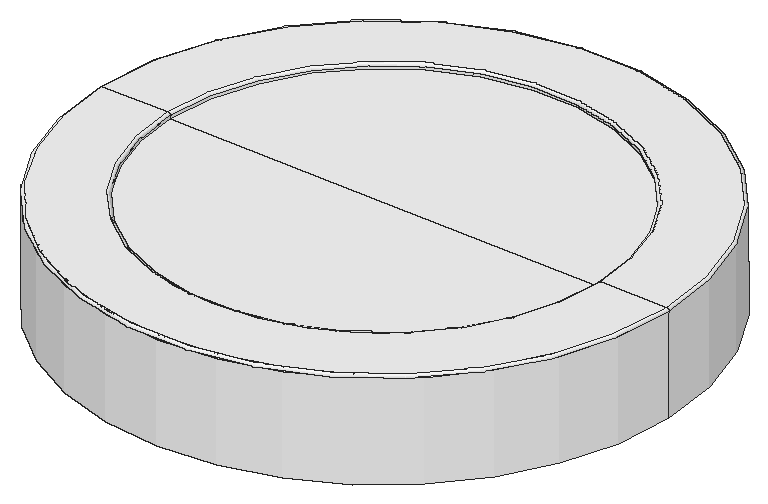
Revit family "0053324 Feilo Sylvania Lighting Fixture SYLFLAT SURFACE DIM 2000 R 4000K", category Lighting Fixtures, host Face, Revit 2016
Family settings
  Host = Face
  Part Type = Normal
  Round Connector Dimension = Use Diameter
  OmniClass Number = 23.80.70.00
  OmniClass Title = Lighting
  Cut with Voids When Loaded = No
  Light Source = Yes
  Shared = No
  Room Calculation Point = No
Parameters (values of type "0053324 SYLFLAT SURFACE DIM 2000 R 4000K")
  Width_FEILO = 226 mm
  WidthDiffuser_FEILO = if(Square_FEILO, 168 mm, Width_FEILO / 1.3294)  # 170 mm
  Weight = "6.75 kg"
  Wattage Comments = ""
  Wattage = 23 W
  WarrantyStartDate [instance] = "n/a"
  WarrantyGuarantorParts = "n/a"
  WarrantyDurationUnit = "n/a"
  WarrantyDurationParts = "n/a"
  WarrantyDescription = "n/a"
  built-in parameter 1150110 = 1 (stored number, unit not read)
  Voltage = 230 V
  URL = "http://www.feilosylvania.com"
  TypeName = "SYLFLAT SURFACE DIM 2000 R 4000K"
  Type Image = <None>
  Type Comments = "n/a"
  built-in parameter 1114217 = 1 (stored number, unit not read)
  Tilt Angle = -90.00°
  built-in parameter 1150109 = 1 (stored number, unit not read)
  built-in parameter 1150134 = 12
  built-in parameter 1150113 = 1 (stored number, unit not read)
  Square_FEILO = no
  SerialNumber [instance] = "n/a"
  Round_FEILO = not(Square_FEILO)  # yes
  RadiusSquare_FEILO = 10 mm
  RadiusDiffuser_FEILO = 7 mm
  Photometric Web File = "0053324.ies"
  Material_3_FEILO = none
  PowerFactor = 0.9
  PowerConsumption = "23 W"
  NominalLength = 226 mm
  NominalHeight = 39 mm
  NominalDepth = 226 mm
  Name = "SYLFLAT SURFACE DIM 2000 R 4000K"
  ModelReference = Name  # "SYLFLAT SURFACE DIM 2000 R 4000K"
  ModelNumber = "0053324"
  Model = Name  # "SYLFLAT SURFACE DIM 2000 R 4000K"
  Material = "aluminium housing, polystyrene diffuser"
  ManufacturerName = "Feilo Sylvania"
  Manufacturer = "Feilo Sylvania"
  LuminousEfficacy = "96.52 lm/W"
  built-in parameter 1150105 = 779.19 (stored number, unit not read)
  Lumens = 2219.96 lm
  LuminaireType = ""
  built-in parameter 1150115 = 1 (stored number, unit not read)
  LightOutputRatio = "n/a"
  built-in parameter 1150137 = (empty or 0)
  built-in parameter 1150139 = (empty or 0)
  LampsType = Lamp  # "LED"
  LampNominalLuminous = "2017 lm"
  LampMacAdamStep = "n/a"
  LampColourTemperature = "4000 K"
  LampColourRenderingIndex = "80"
  built-in parameter 1150112 = 1 (stored number, unit not read)
  built-in parameter 1150114 = 1 (stored number, unit not read)
  Lamp = "LED"
  Keynote = "16500"
  InstallationDate [instance] = "n/a"
  InputVoltage = "220-240V~"
  InputNominalFrequency = "50/60 Hz"
  built-in parameter 1150132 = (empty or 0)
  built-in parameter 1150102 = (empty or 0)
  built-in parameter 1150107 = 4000 (stored number, unit not read)
  built-in parameter 1150138 = (empty or 0)
  IngressProtection = "IP20"
  ImpactProtectionIndex = "IK06"
  built-in parameter 1150106 = 7.7919 (stored number, unit not read)
  IfcExportType = "IfcLightFixtureType"
  IfcExportAs = "IfcLightFixtureType"
  ExpectedLife = 50000
  Emit from Circle Diameter = WidthDiffuser_FEILO  # 170 mm
  Emit Shape Visible in Rendering = no
  ElectricShockClassification = "Class II"
  built-in parameter 1150104 = 8.967 (stored number, unit not read)
  DurationUnit = "hours"
  DocumentationLiterature = "http://www.feilosylvania.com/product/en-int/products/0053324"
  DimmingControlOptions = "Dimmable"
  Material_2_FEILO = LED-Sylvania-SylflatSurface
  Dimming Lamp Color Temperature Shift = <None>
  Description = "Integrated LED surface mounted downlight providing 2220 fixture lumens at a wattage of 23W giving a high efficacy of 97lm/W. Fitting includes Leading/Trailing edge phase dimmable driver and has a round outer dimmension of of 226x226x39mm with an IP20 and IK02 rating providing uniform distribution with an Opal diffuser and 110° beam angle. Provided including a Loop in Loop out box and built with a white aluminium housing."
  Default Elevation = 1219.2 mm
  CreatedOn = "2/15/2018"
  CreatedBy = "aron.fodor@feilosylvania.com"
  Cost = 0
  Color Filter = 16777215
  built-in parameter 1114216 [instance] = (empty or 0)
  ClassificationValue = "EF_70_80"
  ClassificationName = "Uniclass2015"
  Material_1_FEILO = Body-Sylvania-SylflatSurface-White
  BarCode [instance] = "n/a"
  built-in parameter 1114218 = 1 (stored number, unit not read)
  built-in parameter 1150133 = 10 (stored number, unit not read)
  AssetType = "Fixed"
  AssetIdentifier [instance] = "n/a"
  Assembly Code = "D5020200"
  Apparent Load = 23 VA
  Material_4_FEILO = none
Reference planes
  plane 1 "Center (Front/Back)": y = 0
  plane 2: z = 0
  plane 3 "Center (Left/Right)": x = 0
  plane 4: x = 113
  plane 5: x = -113
  plane 6: y = 113
  plane 7: y = -113
  plane 8: x = -103
  plane 9: y = 103
  plane 10: x = 103
  plane 11: y = -103
  plane 12: y = 85
  plane 13: y = -85
  plane 14: x = 85
  plane 15: x = -85
  plane 16: x = -78
  plane 17: y = 78
  plane 18: x = 78
  plane 19: y = -78
  plane 20: z = 39
  plane 21: x = -112
  plane 22: z = 38
  plane 23: z = 37
  plane 24: x = -86
Forms (mm)
  Revolve 1, solid, material "Body-Sylvania-SylflatSurface-White" <- "Material_1_FEILO", visible <- "Round_FEILO"
    sketch origin (0, 0, 0) x (1, 0, 0) y (0, 0, 1)
      loop
        line (0, 0) -> (0, 37) -> (-85, 37) -> (-85, 38)
        arc (-85, 38) -> (-85.293, 38.707) -> (-86, 39) r 1
        line (-86, 39) -> (-112, 39)
        arc (-112, 39) -> (-112.707, 38.707) -> (-113, 38) r 1
        line (-113, 38) -> (-113, 0) -> (0, 0)
      axis (0, 39) -> (0, 0)
    angle from 360 to 0
  Extrusion 2, solid, material "Body-Sylvania-SylflatSurface-White" <- "Material_1_FEILO", visible <- "Square_FEILO"
    sketch origin (0, 0, 0) x (1, 0, 0) y (0, 1, 0)
      loop
        arc (-113, -103) -> (-110.071, -110.071) -> (-103, -113) r 10
        line (-103, -113) -> (103, -113)
        arc (103, -113) -> (110.071, -110.071) -> (113, -103) r 10
        line (113, -103) -> (113, 103)
        arc (113, 103) -> (110.071, 110.071) -> (103, 113) r 10
        line (103, 113) -> (-103, 113)
        arc (-103, 113) -> (-110.071, 110.071) -> (-113, 103) r 10
        line (-113, 103) -> (-113, -103)
      loop
        arc (-78, 85) -> (-82.95, 82.95) -> (-85, 78) r 7
        line (-85, 78) -> (-85, -78)
        arc (-85, -78) -> (-82.95, -82.95) -> (-78, -85) r 7
        line (-78, -85) -> (78, -85)
        arc (78, -85) -> (82.95, -82.95) -> (85, -78) r 7
        line (85, -78) -> (85, 78)
        arc (85, 78) -> (82.95, 82.95) -> (78, 85) r 7
        line (78, 85) -> (-78, 85)
    from 0 to 39
  Extrusion 3, solid, material "Body-Sylvania-SylflatSurface-White" <- "Material_1_FEILO", visible <- "Square_FEILO"
    sketch origin (0, 0, 0) x (1, 0, 0) y (0, 1, 0)
      loop
        arc (-78, 85) -> (-82.95, 82.95) -> (-85, 78) r 7
        line (-85, 78) -> (-85, -78)
        arc (-85, -78) -> (-82.95, -82.95) -> (-78, -85) r 7
        line (-78, -85) -> (78, -85)
        arc (78, -85) -> (82.95, -82.95) -> (85, -78) r 7
        line (85, -78) -> (85, 78)
        arc (85, 78) -> (82.95, 82.95) -> (78, 85) r 7
        line (78, 85) -> (-78, 85)
    from 0 to 37
Cuts and joins
  joined: Extrusion 2, Extrusion 3
Dimensions and locks
  equal spacing: plane 5, plane 3 "Center (Left/Right)", plane 4
  equal spacing: plane 7, plane 1 "Center (Front/Back)", plane 6
  "Width_FEILO": plane 7 to plane 6
  "Width_FEILO": plane 5 to plane 4
  equal spacing: plane 11, plane 1 "Center (Front/Back)", plane 9
  "RadiusSquare_FEILO": plane 9 to plane 6
  equal spacing: plane 8, plane 3 "Center (Left/Right)", plane 10
  "RadiusSquare_FEILO": plane 5 to plane 8
  equal spacing: plane 15, plane 3 "Center (Left/Right)", plane 14
  equal spacing: plane 13, plane 1 "Center (Front/Back)", plane 12
  "WidthDiffuser_FEILO": plane 13 to plane 12
  "WidthDiffuser_FEILO": plane 15 to plane 14
  equal spacing: plane 16, plane 3 "Center (Left/Right)", plane 18
  equal spacing: plane 19, plane 1 "Center (Front/Back)", plane 17
  "RadiusDiffuser_FEILO": plane 17 to plane 12
  "RadiusDiffuser_FEILO": plane 15 to plane 16
  locked: plane 20 to plane 2 at 39
  locked: plane 20 to plane 22 at 1
  locked: plane 21 to plane 5 at 1
  locked: plane 20 to plane 23 at 2
  locked: plane 15 to plane 24 at 1
  aligned and locked: plane 2 to host face
  aligned and locked: level to host face
  aligned and locked: Revolve 1 sketch curve to plane 3 "Center (Left/Right)"
  aligned and locked: Revolve 1 sketch curve to Revolve 1 sketch curve
  aligned and locked: Revolve 1 sketch curve to plane 20
  aligned and locked: Revolve 1 sketch curve to plane 5
  aligned and locked: Revolve 1 sketch curve to level
  aligned and locked: plane 23 to Revolve 1 sketch curve
  aligned and locked: plane 21 to Revolve 1 sketch curve
  aligned and locked: plane 20 to Revolve 1 sketch curve
  aligned and locked: plane 22 to Revolve 1 sketch curve  (x2)
  aligned and locked: plane 15 to Revolve 1 sketch curve
  aligned and locked: plane 24 to Revolve 1 sketch curve
  aligned and locked: plane 11 to Extrusion 2 sketch curve  (x3)
  aligned and locked: plane 5 to Extrusion 2 sketch curve  (x2)
  aligned and locked: plane 8 to Extrusion 2 sketch curve  (x4)
  aligned and locked: plane 7 to Extrusion 2 sketch curve
  aligned and locked: plane 4 to Extrusion 2 sketch curve  (x2)
  aligned and locked: plane 10 to Extrusion 2 sketch curve  (x4)
  aligned and locked: Extrusion 2 sketch curve to plane 6
  aligned and locked: plane 9 to Extrusion 2 sketch curve  (x3)
  aligned and locked: Extrusion 2 to level
  aligned and locked: Extrusion 2 to plane 20
  aligned and locked: plane 16 to Extrusion 2 sketch curve  (x3)
  aligned and locked: plane 12 to Extrusion 2 sketch curve  (x2)
  aligned and locked: plane 14 to Extrusion 2 sketch curve
  aligned and locked: plane 15 to Extrusion 2 sketch curve
  aligned and locked: plane 18 to Extrusion 2 sketch curve  (x4)
  aligned and locked: plane 17 to Extrusion 2 sketch curve  (x4)
  aligned and locked: plane 19 to Extrusion 2 sketch curve  (x4)
  aligned and locked: plane 13 to Extrusion 2 sketch curve
  aligned and locked: Extrusion 3 sketch curve to Extrusion 2  (x4)
  aligned and locked: Extrusion 3 to level
  aligned and locked: Extrusion 3 to plane 23
  aligned and locked: plane 3 "Center (Left/Right)" to imposter light
  aligned and locked: imposter light to plane 1 "Center (Front/Back)"
  aligned and locked: imposter light to plane 23
Automatic sketch dimensions
  host sketch curve to host sketch curve = 2438.4 mm  (x2)
  Revolve 1 sketch curve to plane 3 "Center (Left/Right)" = 0 mm
  Revolve 1 sketch curve to level = 609.6 mm
  Revolve 1 sketch curve to plane 20 = 2570.058 mm
Connectors
  electrical at (0, 0, 0), driven by "Apparent Load", driven by "PowerFactor", driven by "Voltage"
    settings: index 1, voltage 230 V, apparent load 23 VA, apparent load phase1 0 VA, apparent load phase2 0 VA, apparent load phase3 0 VA, power factor 0.9, load classification "Lighting", number of poles 1, system type 30, power factor state 1, is connector primary yes, connector utility no, sub classification motor no, connector description ""
